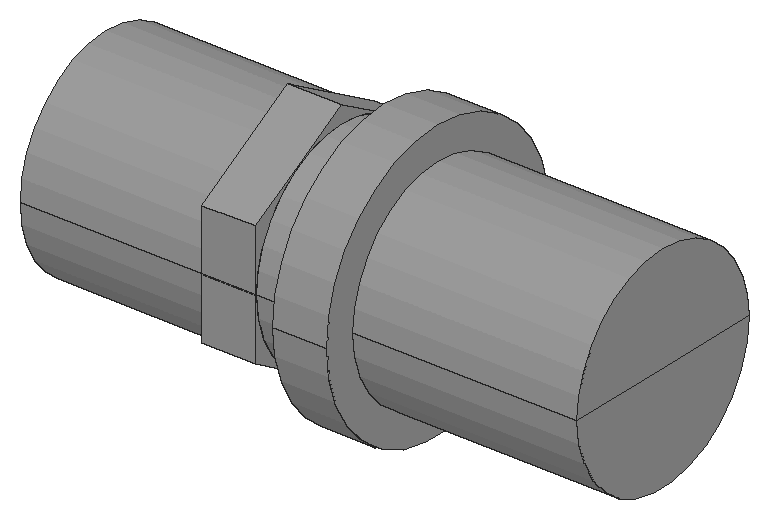
Revit family "BIMLIB_Переход_НР_PEX_РОСТерм", category Соединительные детали трубопроводов, Revit 2017
Family settings
  Размер круглого соединителя = Использовать диаметр
  Тип детали = Соединение
  На основе рабочей плоскости = Нет
  Всегда вертикально = Да
  При загрузке вырезать с полостями = Нет
  Общий = Нет
Parameters (values of type "Переход НР PEX")
  РТ_S-D [instance] = size_lookup("Наименование", "РТ_S-d", 0 mm, РТ_DN, РТ_GN)  # 26 mm
  РТ_N [instance] = size_lookup("Наименование", "РТ_N", 0 mm, РТ_DN, РТ_GN)  # 11.8 mm
  РТ_L2 [instance] = size_lookup("Наименование", "РТ_L2", 0 mm, РТ_DN, РТ_GN)  # 52 mm
  РТ_L1 [instance] = size_lookup("Наименование", "РТ_L1", 0 mm, РТ_DN, РТ_GN)  # 35 mm
  РТ_K [instance] = size_lookup("Наименование", "РТ_K", 0 mm, РТ_DN, РТ_GN)  # 9.5 mm
  РТ_J [instance] = size_lookup("Наименование", "РТ_J", 0 mm, РТ_DN, РТ_GN)  # 13 mm
  РТ_H [instance] = size_lookup("Наименование", "РТ_H", 0 mm, РТ_DN, РТ_GN)  # 11 mm
  РТ_GN [instance] = 20 mm
  РТ_DN [instance] = 20 mm
  РТ_C [instance] = size_lookup("Наименование", "РТ_C", 0 mm, РТ_DN, РТ_GN)  # 5 mm
  РТ_B [instance] = size_lookup("Наименование", "РТ_B", 0 mm, РТ_DN, РТ_GN)  # 11 mm
  Описание = "Переход НР"  # constant formula
  URL = "http://rostherm.ru/"
  BL_Разработано = "support@bimlib.ru"  # constant formula
  BL_Email = "rostherm@bimlib.ru"  # constant formula
  BL_BIM library = "https://bimlib.pro/manufacturer/rosterm/1632/"
  ADSK_Расход жидкости = 0.0 L/s
  ADSK_Позиция = ""
  ADSK_Обозначение = "ГОСТ 32415-2013"  # constant formula
  ADSK_Наименование краткое [instance] = size_lookup("Наименование", "", "", РТ_DN, РТ_GN)  # "Переход_НР_20х3/4''"
  ADSK_Наименование [instance] = size_lookup("Наименование", "", "", РТ_DN, РТ_GN)  # "Переход_НР_20х3/4''"
  ADSK_Материал = BIMLIB_Латунь_РТ
  ADSK_Масса_Текст = ""
  ADSK_Масса [instance] = 0
  ADSK_Марка [instance] = size_lookup("артикул", "", "", РТ_DN, РТ_GN)  # "5013"
  ADSK_Код изделия [instance] = size_lookup("артикул", "", "", РТ_DN, РТ_GN)  # "5013"
  ADSK_Завод-изготовитель = "РОСТерм"  # constant formula
  ADSK_Единица измерения = "шт."  # constant formula
  ADSK_Версия Revit = "2017"  # constant formula
  ADSK_URL страницы изделия = "http://rostherm.ru/pexb/"
  ADSK_URL документации изделия = "http://rostherm.ru/"
Reference planes
  plane 1 "По центру (Вперед/Назад)": y = 0
  plane 2: z = 0
  plane 3 "По центру (Влево/Вправо)": x = 0
  plane 4: x = -26
  plane 5: x = 26
  plane 6: x = -14.2
  plane 7: x = -9
  plane 8 "B": x = -20
  plane 9 "C/H": x = -4
  plane 10: x = -15
  plane 11: x = -2
  plane 12: x = -16.5
  plane 13: y = 10
  plane 14: y = -10
  plane 15: x = 5
Forms (mm)
  Extrusion 1, solid, material "BIMLIB_Латунь_РТ" <- "ADSK_Материал", detail levels medium+fine
    sketch origin (0, 0, 0) x (0, 1, 0) y (0, 0, 1)
      loop
        circle (0, 0) r 13
    from 0 to 5
  Revolve 2, solid, material "BIMLIB_Латунь_РТ" <- "ADSK_Материал", detail levels medium+fine
    sketch origin (0, 0, 0) x (1, 0, 0) y (0, 1, 0)
      loop
        line (26, 0) -> (26, 10) -> (-4, 10) -> (-4, 0) -> (26, 0)
      axis (-4, 0) -> (26, 0)
    angle from 0 to 360
  Extrusion 3, solid, material "BIMLIB_Латунь_РТ" <- "ADSK_Материал", detail levels medium+fine
    sketch origin (0, 0, 0) x (0, 1, 0) y (0, 0, 1)
      loop
        circle (0, 0) r 10
    from -26 to -4
  Extrusion 4, solid, material "BIMLIB_Латунь_РТ" <- "ADSK_Материал", detail levels medium+fine
    sketch origin (0, 0, 0) x (0, 1, 0) y (0, 0, 1)
      loop
        line (0, 11.547) -> (-10, 5.774) -> (-10, -5.774) -> (0, -11.547) -> (10, -5.774) -> (10, 5.774) -> (0, 11.547)
    from -9 to -4
Cuts and joins
  joined: Extrusion 1, Revolve 2, Extrusion 4
Lines and regions (mm)
  model lines, detail levels coarse
    curve 1: line (-26, 0, 0) -> (-2.25, 0, 0)
    curve 2: line (-26, 0, 14.434) -> (26, 0, 14.434)
    curve 3: line (-26, 0, -14.434) -> (26, 0, -14.434)
    curve 4: line (-26, 0, 0) -> (26, 0, 0)
  symbolic lines, detail levels coarse
    curve 5: line (-26, 10, 0) -> (26, 10, 0)
    curve 6: line (-26, -10, 0) -> (26, -10, 0)
Dimensions and locks
  equal spacing: plane 4, plane 3 "По центру (Влево/Вправо)", plane 5
  "РТ_L2": plane 4 to plane 5
  "РТ_N": plane 4 to plane 6
  "РТ_B": plane 8 "B" to plane 7
  "РТ_L1": plane 7 to plane 5
  "РТ_C": plane 7 to plane 9 "C/H"
  "РТ_H": plane 10 to plane 9 "C/H"
  "РТ_J": plane 10 to plane 11
  "РТ_K": plane 4 to plane 12
  equal spacing: plane 14, plane 1 "По центру (Вперед/Назад)", plane 13
  "РТ_GN": plane 13 to plane 14
  "РТ_C": plane 3 "По центру (Влево/Вправо)" to plane 15
  equal spacing: Extrusion 4 sketch curve, plane 1 "По центру (Вперед/Назад)", Extrusion 4 sketch curve
  equal spacing: Extrusion 4 sketch curve, Extrusion 4 sketch curve, Extrusion 4 sketch curve  (x2)
  "РТ_DN": Extrusion 4 sketch curve to Extrusion 4 sketch curve  (x3)
  equal spacing: Extrusion 4 sketch curve, level, Extrusion 4 sketch curve
  "РТ_S-D": diameter of Extrusion 1 sketch curve
  "РТ_DN": diameter of Extrusion 3 sketch curve
  aligned and locked: level to plane 2
  aligned and locked: plane 1 "По центру (Вперед/Назад)" to Extrusion 1 sketch curve
  aligned and locked: plane 2 to Extrusion 1 sketch curve
  aligned and locked: plane 1 "По центру (Вперед/Назад)" to curve 1
  aligned and locked: Revolve 2 sketch curve to plane 1 "По центру (Вперед/Назад)"
  aligned and locked: Revolve 2 sketch curve to plane 5
  aligned and locked: Revolve 2 sketch curve to plane 13
  aligned and locked: Extrusion 1 to plane 3 "По центру (Влево/Вправо)"
  aligned and locked: plane 15 to Extrusion 1
  aligned and locked: Revolve 2 to plane 9 "C/H"
  aligned and locked: Extrusion 3 to plane 4
  aligned and locked: plane 9 "C/H" to Extrusion 3
  aligned and locked: Extrusion 4 to plane 7
  aligned and locked: plane 9 "C/H" to Extrusion 4
  aligned and locked: curve 1 to Extrusion 3
  aligned and locked: plane 4 to curve 2
  aligned and locked: plane 5 to curve 4
  aligned and locked: plane 5 to curve 5
  aligned and locked: plane 4 to curve 5
  aligned and locked: Extrusion 4 to curve 5
  aligned and locked: curve 6 to Extrusion 4
Automatic sketch dimensions
  Extrusion 3 sketch curve to level = 0 mm
  Extrusion 3 sketch curve to plane 1 "По центру (Вперед/Назад)" = 0 mm
  Extrusion 4 sketch curve to plane 1 "По центру (Вперед/Назад)" = 0 mm
  plane 1 "По центру (Вперед/Назад)" to curve 2 = 0 mm
  curve 2 to plane 5 = 0 mm
  curve 6 to plane 4 = 0 mm
  curve 6 to plane 5 = 0 mm
  plane 11 to curve 1 = 0.25 mm
  Revolve 2 sketch curve to plane 9 "C/H" = 0 mm
  plane 1 "По центру (Вперед/Назад)" to Revolve 2 sketch curve = 0 mm
  Revolve 2 sketch curve to plane 11 = 0 mm
  Revolve 2 sketch curve to plane 5 = 0 mm
  plane 1 "По центру (Вперед/Назад)" to curve 3 = 0 mm
  curve 3 to plane 4 = 0 mm
  curve 3 to plane 5 = 0 mm
Connectors
  piping at (5, 0, 0), diameter 20, driven by "РТ_GN"
    settings: on Extrusion 1, index 3, connector inside diameter 609.6 mm, connector length 0 mm, flow factor 0, pipe flow 0.0 L/s, pressure drop 0.0 Pa, fitting loss kfactor 0, connector angle 0.00°, fixture units 0, engagement length 0 mm, angle of deflection 0.00°, flow configuration 0, flow direction 0, fitting loss method 0, system type 28, joint type 0, gender type 0, connector reference index 4, connector utility 0, adjustable connector no, is connector primary yes, connector description ""
  piping at (-9, 0, 0), diameter 20, driven by "РТ_DN"
    settings: on Extrusion 4, index 4, connector inside diameter 609.6 mm, connector length 0 mm, flow factor 0, pipe flow 0.0 L/s, pressure drop 0.0 Pa, fitting loss kfactor 0, connector angle 0.00°, fixture units 0, engagement length 0 mm, angle of deflection 0.00°, flow configuration 0, flow direction 0, fitting loss method 0, system type 28, joint type 0, gender type 0, connector reference index 3, connector utility 0, adjustable connector no, is connector primary no, connector description ""
